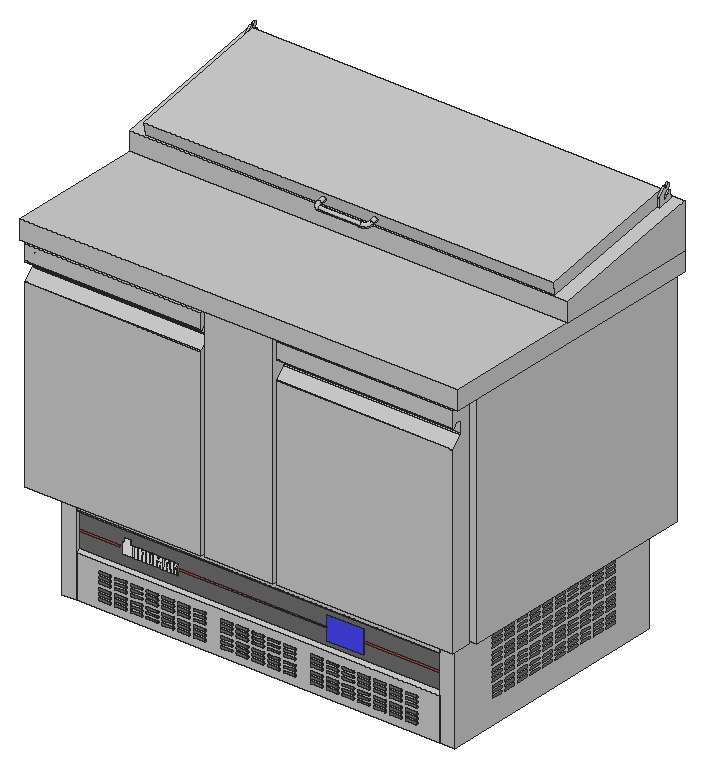
Revit family "QF_INOMAK_BPZP7300_250611020226", category Specialty Equipment, Revit 2021 (continued)
Definition of nested family "QF_INOMAK_REF_BASE_MOTOR_2920"
  Forms (mm)
    Extrusion 19, solid
      sketch origin (39, 1580.136, -390.167) x (0, 1, 0) y (0, 0, 1)
        loop
          line (-1844.436, 587.535) -> (-1868.436, 587.535)
        loop
          arc (-1829.436, 587.535) -> (-1832.436, 584.535) -> (-1829.436, 581.535) r 3
          line (-1829.436, 581.535) -> (-1805.436, 581.535)
          arc (-1805.436, 581.535) -> (-1802.436, 584.535) -> (-1805.436, 587.535) r 3
          line (-1805.436, 587.535) -> (-1829.436, 587.535)
        loop
          arc (-1790.436, 587.535) -> (-1793.436, 584.535) -> (-1790.436, 581.535) r 3
          line (-1790.436, 581.535) -> (-1766.436, 581.535)
          arc (-1766.436, 581.535) -> (-1763.436, 584.535) -> (-1766.436, 587.535) r 3
          line (-1766.436, 587.535) -> (-1790.436, 587.535)
        loop
          arc (-1751.436, 587.535) -> (-1754.436, 584.535) -> (-1751.436, 581.535) r 3
          line (-1751.436, 581.535) -> (-1727.436, 581.535)
          arc (-1727.436, 581.535) -> (-1724.436, 584.535) -> (-1727.436, 587.535) r 3
          line (-1727.436, 587.535) -> (-1751.436, 587.535)
        loop
          arc (-1985.436, 572.535) -> (-1988.436, 569.535) -> (-1985.436, 566.535) r 3
          line (-1985.436, 566.535) -> (-1961.436, 566.535)
          arc (-1961.436, 566.535) -> (-1958.436, 569.535) -> (-1961.436, 572.535) r 3
          line (-1961.436, 572.535) -> (-1985.436, 572.535)
        loop
          arc (-1946.436, 572.535) -> (-1949.436, 569.535) -> (-1946.436, 566.535) r 3
          line (-1946.436, 566.535) -> (-1922.436, 566.535)
          arc (-1922.436, 566.535) -> (-1919.436, 569.535) -> (-1922.436, 572.535) r 3
          line (-1922.436, 572.535) -> (-1946.436, 572.535)
        loop
          arc (-1907.436, 572.535) -> (-1910.436, 569.535) -> (-1907.436, 566.535) r 3
          line (-1907.436, 566.535) -> (-1883.436, 566.535)
          arc (-1883.436, 566.535) -> (-1880.436, 569.535) -> (-1883.436, 572.535) r 3
          line (-1883.436, 572.535) -> (-1907.436, 572.535)
        loop
          arc (-1868.436, 572.535) -> (-1871.436, 569.535) -> (-1868.436, 566.535) r 3
          line (-1868.436, 566.535) -> (-1844.436, 566.535)
          arc (-1844.436, 566.535) -> (-1841.436, 569.535) -> (-1844.436, 572.535) r 3
          line (-1844.436, 572.535) -> (-1868.436, 572.535)
        loop
          arc (-1829.436, 572.535) -> (-1832.436, 569.535) -> (-1829.436, 566.535) r 3
          line (-1829.436, 566.535) -> (-1805.436, 566.535)
          arc (-1805.436, 566.535) -> (-1802.436, 569.535) -> (-1805.436, 572.535) r 3
          line (-1805.436, 572.535) -> (-1829.436, 572.535)
        loop
          arc (-1790.436, 572.535) -> (-1793.436, 569.535) -> (-1790.436, 566.535) r 3
          line (-1790.436, 566.535) -> (-1766.436, 566.535)
          arc (-1766.436, 566.535) -> (-1763.436, 569.535) -> (-1766.436, 572.535) r 3
          line (-1766.436, 572.535) -> (-1790.436, 572.535)
        loop
          arc (-1751.436, 572.535) -> (-1754.436, 569.535) -> (-1751.436, 566.535) r 3
          line (-1751.436, 566.535) -> (-1727.436, 566.535)
          arc (-1727.436, 566.535) -> (-1724.436, 569.535) -> (-1727.436, 572.535) r 3
          line (-1727.436, 572.535) -> (-1751.436, 572.535)
        loop
          arc (-1985.436, 561.535) -> (-1988.436, 558.535) -> (-1985.436, 555.535) r 3
          line (-1985.436, 555.535) -> (-1961.436, 555.535)
          arc (-1961.436, 555.535) -> (-1958.436, 558.535) -> (-1961.436, 561.535) r 3
          line (-1961.436, 561.535) -> (-1985.436, 561.535)
        loop
          arc (-1946.436, 561.535) -> (-1949.436, 558.535) -> (-1946.436, 555.535) r 3
          line (-1946.436, 555.535) -> (-1922.436, 555.535)
          arc (-1922.436, 555.535) -> (-1919.436, 558.535) -> (-1922.436, 561.535) r 3
          line (-1922.436, 561.535) -> (-1946.436, 561.535)
        loop
          arc (-1907.436, 561.535) -> (-1910.436, 558.535) -> (-1907.436, 555.535) r 3
          line (-1907.436, 555.535) -> (-1883.436, 555.535)
          arc (-1883.436, 555.535) -> (-1880.436, 558.535) -> (-1883.436, 561.535) r 3
          line (-1883.436, 561.535) -> (-1907.436, 561.535)
        loop
          arc (-1868.436, 561.535) -> (-1871.436, 558.535) -> (-1868.436, 555.535) r 3
          line (-1868.436, 555.535) -> (-1844.436, 555.535)
          arc (-1844.436, 555.535) -> (-1841.436, 558.535) -> (-1844.436, 561.535) r 3
          line (-1844.436, 561.535) -> (-1868.436, 561.535)
        loop
          arc (-1829.436, 561.535) -> (-1832.436, 558.535) -> (-1829.436, 555.535) r 3
          line (-1829.436, 555.535) -> (-1805.436, 555.535)
          arc (-1805.436, 555.535) -> (-1802.436, 558.535) -> (-1805.436, 561.535) r 3
          line (-1805.436, 561.535) -> (-1829.436, 561.535)
        loop
          arc (-1790.436, 561.535) -> (-1793.436, 558.535) -> (-1790.436, 555.535) r 3
          line (-1790.436, 555.535) -> (-1766.436, 555.535)
          arc (-1766.436, 555.535) -> (-1763.436, 558.535) -> (-1766.436, 561.535) r 3
          line (-1766.436, 561.535) -> (-1790.436, 561.535)
        loop
          arc (-1751.436, 561.535) -> (-1754.436, 558.535) -> (-1751.436, 555.535) r 3
          line (-1751.436, 555.535) -> (-1727.436, 555.535)
          arc (-1727.436, 555.535) -> (-1724.436, 558.535) -> (-1727.436, 561.535) r 3
          line (-1727.436, 561.535) -> (-1751.436, 561.535)
        loop
          arc (-1985.436, 550.535) -> (-1988.436, 547.535) -> (-1985.436, 544.535) r 3
          line (-1985.436, 544.535) -> (-1961.436, 544.535)
          arc (-1961.436, 544.535) -> (-1958.436, 547.535) -> (-1961.436, 550.535) r 3
          line (-1961.436, 550.535) -> (-1985.436, 550.535)
        loop
          arc (-1946.436, 550.535) -> (-1949.436, 547.535) -> (-1946.436, 544.535) r 3
          line (-1946.436, 544.535) -> (-1922.436, 544.535)
          arc (-1922.436, 544.535) -> (-1919.436, 547.535) -> (-1922.436, 550.535) r 3
          line (-1922.436, 550.535) -> (-1946.436, 550.535)
        loop
          arc (-1907.436, 550.535) -> (-1910.436, 547.535) -> (-1907.436, 544.535) r 3
          line (-1907.436, 544.535) -> (-1883.436, 544.535)
          arc (-1883.436, 544.535) -> (-1880.436, 547.535) -> (-1883.436, 550.535) r 3
          line (-1883.436, 550.535) -> (-1907.436, 550.535)
        loop
          arc (-1868.436, 550.535) -> (-1871.436, 547.535) -> (-1868.436, 544.535) r 3
          line (-1868.436, 544.535) -> (-1844.436, 544.535)
          arc (-1844.436, 544.535) -> (-1841.436, 547.535) -> (-1844.436, 550.535) r 3
          line (-1844.436, 550.535) -> (-1868.436, 550.535)
        loop
          arc (-1829.436, 550.535) -> (-1832.436, 547.535) -> (-1829.436, 544.535) r 3
          line (-1829.436, 544.535) -> (-1805.436, 544.535)
          arc (-1805.436, 544.535) -> (-1802.436, 547.535) -> (-1805.436, 550.535) r 3
          line (-1805.436, 550.535) -> (-1829.436, 550.535)
        loop
          arc (-1790.436, 550.535) -> (-1793.436, 547.535) -> (-1790.436, 544.535) r 3
          line (-1790.436, 544.535) -> (-1766.436, 544.535)
          arc (-1766.436, 544.535) -> (-1763.436, 547.535) -> (-1766.436, 550.535) r 3
          line (-1766.436, 550.535) -> (-1790.436, 550.535)
        loop
          arc (-1751.436, 550.535) -> (-1754.436, 547.535) -> (-1751.436, 544.535) r 3
          line (-1751.436, 544.535) -> (-1727.436, 544.535)
          arc (-1727.436, 544.535) -> (-1724.436, 547.535) -> (-1727.436, 550.535) r 3
          line (-1727.436, 550.535) -> (-1751.436, 550.535)
        loop
          arc (-2102.436, 609.535) -> (-2105.436, 606.535) -> (-2102.436, 603.535) r 3
          line (-2102.436, 603.535) -> (-2078.436, 603.535)
          arc (-2078.436, 603.535) -> (-2075.436, 606.535) -> (-2078.436, 609.535) r 3
          line (-2078.436, 609.535) -> (-2102.436, 609.535)
        loop
          arc (-2063.436, 609.535) -> (-2066.436, 606.535) -> (-2063.436, 603.535) r 3
          line (-2063.436, 603.535) -> (-2039.436, 603.535)
          arc (-2039.436, 603.535) -> (-2036.436, 606.535) -> (-2039.436, 609.535) r 3
          line (-2039.436, 609.535) -> (-2063.436, 609.535)
        loop
          arc (-2024.436, 609.535) -> (-2027.436, 606.535) -> (-2024.436, 603.535) r 3
          line (-2024.436, 603.535) -> (-2000.436, 603.535)
          arc (-2000.436, 603.535) -> (-1997.436, 606.535) -> (-2000.436, 609.535) r 3
          line (-2000.436, 609.535) -> (-2024.436, 609.535)
        loop
          arc (-2102.436, 598.535) -> (-2105.436, 595.535) -> (-2102.436, 592.535) r 3
          line (-2102.436, 592.535) -> (-2078.436, 592.535)
          arc (-2078.436, 592.535) -> (-2075.436, 595.535) -> (-2078.436, 598.535) r 3
          line (-2078.436, 598.535) -> (-2102.436, 598.535)
        loop
          arc (-2063.436, 598.535) -> (-2066.436, 595.535) -> (-2063.436, 592.535) r 3
          line (-2063.436, 592.535) -> (-2039.436, 592.535)
          arc (-2039.436, 592.535) -> (-2036.436, 595.535) -> (-2039.436, 598.535) r 3
          line (-2039.436, 598.535) -> (-2063.436, 598.535)
        loop
          arc (-2024.436, 598.535) -> (-2027.436, 595.535) -> (-2024.436, 592.535) r 3
          line (-2024.436, 592.535) -> (-2000.436, 592.535)
          arc (-2000.436, 592.535) -> (-1997.436, 595.535) -> (-2000.436, 598.535) r 3
          line (-2000.436, 598.535) -> (-2024.436, 598.535)
        loop
          arc (-2102.436, 587.535) -> (-2105.436, 584.535) -> (-2102.436, 581.535) r 3
          line (-2102.436, 581.535) -> (-2078.436, 581.535)
          arc (-2078.436, 581.535) -> (-2075.436, 584.535) -> (-2078.436, 587.535) r 3
          line (-2078.436, 587.535) -> (-2102.436, 587.535)
        loop
          arc (-2063.436, 587.535) -> (-2066.436, 584.535) -> (-2063.436, 581.535) r 3
          line (-2063.436, 581.535) -> (-2039.436, 581.535)
          arc (-2039.436, 581.535) -> (-2036.436, 584.535) -> (-2039.436, 587.535) r 3
          line (-2039.436, 587.535) -> (-2063.436, 587.535)
        loop
          arc (-2024.436, 587.535) -> (-2027.436, 584.535) -> (-2024.436, 581.535) r 3
          line (-2024.436, 581.535) -> (-2000.436, 581.535)
          arc (-2000.436, 581.535) -> (-1997.436, 584.535) -> (-2000.436, 587.535) r 3
          line (-2000.436, 587.535) -> (-2024.436, 587.535)
        loop
          arc (-2102.436, 572.535) -> (-2105.436, 569.535) -> (-2102.436, 566.535) r 3
          line (-2102.436, 566.535) -> (-2078.436, 566.535)
          arc (-2078.436, 566.535) -> (-2075.436, 569.535) -> (-2078.436, 572.535) r 3
          line (-2078.436, 572.535) -> (-2102.436, 572.535)
        loop
          arc (-2063.436, 572.535) -> (-2066.436, 569.535) -> (-2063.436, 566.535) r 3
          line (-2063.436, 566.535) -> (-2039.436, 566.535)
          arc (-2039.436, 566.535) -> (-2036.436, 569.535) -> (-2039.436, 572.535) r 3
          line (-2039.436, 572.535) -> (-2063.436, 572.535)
        loop
          arc (-2024.436, 572.535) -> (-2027.436, 569.535) -> (-2024.436, 566.535) r 3
          line (-2024.436, 566.535) -> (-2000.436, 566.535)
          arc (-2000.436, 566.535) -> (-1997.436, 569.535) -> (-2000.436, 572.535) r 3
          line (-2000.436, 572.535) -> (-2024.436, 572.535)
        loop
          arc (-2102.436, 561.535) -> (-2105.436, 558.535) -> (-2102.436, 555.535) r 3
          line (-2102.436, 555.535) -> (-2078.436, 555.535)
          arc (-2078.436, 555.535) -> (-2075.436, 558.535) -> (-2078.436, 561.535) r 3
          line (-2078.436, 561.535) -> (-2102.436, 561.535)
        loop
          arc (-2063.436, 561.535) -> (-2066.436, 558.535) -> (-2063.436, 555.535) r 3
          line (-2063.436, 555.535) -> (-2039.436, 555.535)
          arc (-2039.436, 555.535) -> (-2036.436, 558.535) -> (-2039.436, 561.535) r 3
          line (-2039.436, 561.535) -> (-2063.436, 561.535)
        loop
          arc (-2024.436, 561.535) -> (-2027.436, 558.535) -> (-2024.436, 555.535) r 3
          line (-2024.436, 555.535) -> (-2000.436, 555.535)
          arc (-2000.436, 555.535) -> (-1997.436, 558.535) -> (-2000.436, 561.535) r 3
          line (-2000.436, 561.535) -> (-2024.436, 561.535)
        loop
          arc (-2102.436, 550.535) -> (-2105.436, 547.535) -> (-2102.436, 544.535) r 3
          line (-2102.436, 544.535) -> (-2078.436, 544.535)
          arc (-2078.436, 544.535) -> (-2075.436, 547.535) -> (-2078.436, 550.535) r 3
          line (-2078.436, 550.535) -> (-2102.436, 550.535)
        loop
          arc (-2063.436, 550.535) -> (-2066.436, 547.535) -> (-2063.436, 544.535) r 3
          line (-2063.436, 544.535) -> (-2039.436, 544.535)
          arc (-2039.436, 544.535) -> (-2036.436, 547.535) -> (-2039.436, 550.535) r 3
          line (-2039.436, 550.535) -> (-2063.436, 550.535)
        loop
          arc (-2024.436, 550.535) -> (-2027.436, 547.535) -> (-2024.436, 544.535) r 3
          line (-2024.436, 544.535) -> (-2000.436, 544.535)
          arc (-2000.436, 544.535) -> (-1997.436, 547.535) -> (-2000.436, 550.535) r 3
          line (-2000.436, 550.535) -> (-2024.436, 550.535)
        loop
          arc (-1985.436, 534.535) -> (-1988.436, 531.535) -> (-1985.436, 528.535) r 3
          line (-1985.436, 528.535) -> (-1961.436, 528.535)
          arc (-1961.436, 528.535) -> (-1958.436, 531.535) -> (-1961.436, 534.535) r 3
          line (-1961.436, 534.535) -> (-1985.436, 534.535)
        loop
          arc (-1946.436, 534.535) -> (-1949.436, 531.535) -> (-1946.436, 528.535) r 3
          line (-1946.436, 528.535) -> (-1922.436, 528.535)
          arc (-1922.436, 528.535) -> (-1919.436, 531.535) -> (-1922.436, 534.535) r 3
          line (-1922.436, 534.535) -> (-1946.436, 534.535)
        loop
          arc (-1907.436, 534.535) -> (-1910.436, 531.535) -> (-1907.436, 528.535) r 3
          line (-1907.436, 528.535) -> (-1883.436, 528.535)
          arc (-1883.436, 528.535) -> (-1880.436, 531.535) -> (-1883.436, 534.535) r 3
          line (-1883.436, 534.535) -> (-1907.436, 534.535)
        loop
          arc (-1868.436, 534.535) -> (-1871.436, 531.535) -> (-1868.436, 528.535) r 3
          line (-1868.436, 528.535) -> (-1844.436, 528.535)
          arc (-1844.436, 528.535) -> (-1841.436, 531.535) -> (-1844.436, 534.535) r 3
          line (-1844.436, 534.535) -> (-1868.436, 534.535)
        loop
          arc (-1829.436, 534.535) -> (-1832.436, 531.535) -> (-1829.436, 528.535) r 3
          line (-1829.436, 528.535) -> (-1805.436, 528.535)
          arc (-1805.436, 528.535) -> (-1802.436, 531.535) -> (-1805.436, 534.535) r 3
          line (-1805.436, 534.535) -> (-1829.436, 534.535)
        loop
          arc (-1790.436, 534.535) -> (-1793.436, 531.535) -> (-1790.436, 528.535) r 3
          line (-1790.436, 528.535) -> (-1766.436, 528.535)
          arc (-1766.436, 528.535) -> (-1763.436, 531.535) -> (-1766.436, 534.535) r 3
          line (-1766.436, 534.535) -> (-1790.436, 534.535)
        loop
          arc (-1751.436, 534.535) -> (-1754.436, 531.535) -> (-1751.436, 528.535) r 3
          line (-1751.436, 528.535) -> (-1727.436, 528.535)
          arc (-1727.436, 528.535) -> (-1724.436, 531.535) -> (-1727.436, 534.535) r 3
          line (-1727.436, 534.535) -> (-1751.436, 534.535)
        loop
          arc (-1985.436, 523.535) -> (-1988.436, 520.535) -> (-1985.436, 517.535) r 3
          line (-1985.436, 517.535) -> (-1961.436, 517.535)
          arc (-1961.436, 517.535) -> (-1958.436, 520.535) -> (-1961.436, 523.535) r 3
          line (-1961.436, 523.535) -> (-1985.436, 523.535)
        loop
          arc (-1946.436, 523.535) -> (-1949.436, 520.535) -> (-1946.436, 517.535) r 3
          line (-1946.436, 517.535) -> (-1922.436, 517.535)
          arc (-1922.436, 517.535) -> (-1919.436, 520.535) -> (-1922.436, 523.535) r 3
          line (-1922.436, 523.535) -> (-1946.436, 523.535)
        loop
          arc (-1907.436, 523.535) -> (-1910.436, 520.535) -> (-1907.436, 517.535) r 3
          line (-1907.436, 517.535) -> (-1883.436, 517.535)
          arc (-1883.436, 517.535) -> (-1880.436, 520.535) -> (-1883.436, 523.535) r 3
          line (-1883.436, 523.535) -> (-1907.436, 523.535)
        loop
          arc (-1868.436, 523.535) -> (-1871.436, 520.535) -> (-1868.436, 517.535) r 3
          line (-1868.436, 517.535) -> (-1844.436, 517.535)
          arc (-1844.436, 517.535) -> (-1841.436, 520.535) -> (-1844.436, 523.535) r 3
          line (-1844.436, 523.535) -> (-1868.436, 523.535)
        loop
          arc (-1829.436, 523.535) -> (-1832.436, 520.535) -> (-1829.436, 517.535) r 3
          line (-1829.436, 517.535) -> (-1805.436, 517.535)
          arc (-1805.436, 517.535) -> (-1802.436, 520.535) -> (-1805.436, 523.535) r 3
          line (-1805.436, 523.535) -> (-1829.436, 523.535)
        loop
          arc (-1790.436, 523.535) -> (-1793.436, 520.535) -> (-1790.436, 517.535) r 3
          line (-1790.436, 517.535) -> (-1766.436, 517.535)
          arc (-1766.436, 517.535) -> (-1763.436, 520.535) -> (-1766.436, 523.535) r 3
          line (-1766.436, 523.535) -> (-1790.436, 523.535)
        loop
          arc (-1751.436, 523.535) -> (-1754.436, 520.535) -> (-1751.436, 517.535) r 3
          line (-1751.436, 517.535) -> (-1727.436, 517.535)
          arc (-1727.436, 517.535) -> (-1724.436, 520.535) -> (-1727.436, 523.535) r 3
          line (-1727.436, 523.535) -> (-1751.436, 523.535)
        loop
          arc (-1985.436, 512.535) -> (-1988.436, 509.535) -> (-1985.436, 506.535) r 3
          line (-1985.436, 506.535) -> (-1961.436, 506.535)
          arc (-1961.436, 506.535) -> (-1958.436, 509.535) -> (-1961.436, 512.535) r 3
          line (-1961.436, 512.535) -> (-1985.436, 512.535)
        loop
          arc (-1946.436, 512.535) -> (-1949.436, 509.535) -> (-1946.436, 506.535) r 3
          line (-1946.436, 506.535) -> (-1922.436, 506.535)
          arc (-1922.436, 506.535) -> (-1919.436, 509.535) -> (-1922.436, 512.535) r 3
          line (-1922.436, 512.535) -> (-1946.436, 512.535)
        loop
          arc (-1907.436, 512.535) -> (-1910.436, 509.535) -> (-1907.436, 506.535) r 3
          line (-1907.436, 506.535) -> (-1883.436, 506.535)
          arc (-1883.436, 506.535) -> (-1880.436, 509.535) -> (-1883.436, 512.535) r 3
          line (-1883.436, 512.535) -> (-1907.436, 512.535)
        loop
          arc (-1868.436, 512.535) -> (-1871.436, 509.535) -> (-1868.436, 506.535) r 3
          line (-1868.436, 506.535) -> (-1844.436, 506.535)
          arc (-1844.436, 506.535) -> (-1841.436, 509.535) -> (-1844.436, 512.535) r 3
          line (-1844.436, 512.535) -> (-1868.436, 512.535)
        loop
          arc (-1829.436, 512.535) -> (-1832.436, 509.535) -> (-1829.436, 506.535) r 3
          line (-1829.436, 506.535) -> (-1805.436, 506.535)
          arc (-1805.436, 506.535) -> (-1802.436, 509.535) -> (-1805.436, 512.535) r 3
          line (-1805.436, 512.535) -> (-1829.436, 512.535)
        loop
          arc (-1790.436, 512.535) -> (-1793.436, 509.535) -> (-1790.436, 506.535) r 3
          line (-1790.436, 506.535) -> (-1766.436, 506.535)
          arc (-1766.436, 506.535) -> (-1763.436, 509.535) -> (-1766.436, 512.535) r 3
          line (-1766.436, 512.535) -> (-1790.436, 512.535)
        loop
          arc (-1751.436, 512.535) -> (-1754.436, 509.535) -> (-1751.436, 506.535) r 3
          line (-1751.436, 506.535) -> (-1727.436, 506.535)
          arc (-1727.436, 506.535) -> (-1724.436, 509.535) -> (-1727.436, 512.535) r 3
          line (-1727.436, 512.535) -> (-1751.436, 512.535)
        loop
          arc (-1985.436, 497.535) -> (-1988.436, 494.535) -> (-1985.436, 491.535) r 3
          line (-1985.436, 491.535) -> (-1961.436, 491.535)
          arc (-1961.436, 491.535) -> (-1958.436, 494.535) -> (-1961.436, 497.535) r 3
          line (-1961.436, 497.535) -> (-1985.436, 497.535)
        loop
          arc (-1946.436, 497.535) -> (-1949.436, 494.535) -> (-1946.436, 491.535) r 3
          line (-1946.436, 491.535) -> (-1922.436, 491.535)
          arc (-1922.436, 491.535) -> (-1919.436, 494.535) -> (-1922.436, 497.535) r 3
          line (-1922.436, 497.535) -> (-1946.436, 497.535)
        loop
          arc (-1907.436, 497.535) -> (-1910.436, 494.535) -> (-1907.436, 491.535) r 3
          line (-1907.436, 491.535) -> (-1883.436, 491.535)
          arc (-1883.436, 491.535) -> (-1880.436, 494.535) -> (-1883.436, 497.535) r 3
          line (-1883.436, 497.535) -> (-1907.436, 497.535)
        loop
          arc (-1868.436, 497.535) -> (-1871.436, 494.535) -> (-1868.436, 491.535) r 3
          line (-1868.436, 491.535) -> (-1844.436, 491.535)
          arc (-1844.436, 491.535) -> (-1841.436, 494.535) -> (-1844.436, 497.535) r 3
          line (-1844.436, 497.535) -> (-1868.436, 497.535)
        loop
          arc (-1829.436, 497.535) -> (-1832.436, 494.535) -> (-1829.436, 491.535) r 3
          line (-1829.436, 491.535) -> (-1805.436, 491.535)
          arc (-1805.436, 491.535) -> (-1802.436, 494.535) -> (-1805.436, 497.535) r 3
          line (-1805.436, 497.535) -> (-1829.436, 497.535)
        loop
          arc (-1790.436, 497.535) -> (-1793.436, 494.535) -> (-1790.436, 491.535) r 3
          line (-1790.436, 491.535) -> (-1766.436, 491.535)
          arc (-1766.436, 491.535) -> (-1763.436, 494.535) -> (-1766.436, 497.535) r 3
          line (-1766.436, 497.535) -> (-1790.436, 497.535)
        loop
          arc (-1751.436, 497.535) -> (-1754.436, 494.535) -> (-1751.436, 491.535) r 3
          line (-1751.436, 491.535) -> (-1727.436, 491.535)
          arc (-1727.436, 491.535) -> (-1724.436, 494.535) -> (-1727.436, 497.535) r 3
          line (-1727.436, 497.535) -> (-1751.436, 497.535)
        loop
          arc (-1985.436, 486.535) -> (-1988.436, 483.535) -> (-1985.436, 480.535) r 3
          line (-1985.436, 480.535) -> (-1961.436, 480.535)
          arc (-1961.436, 480.535) -> (-1958.436, 483.535) -> (-1961.436, 486.535) r 3
          line (-1961.436, 486.535) -> (-1985.436, 486.535)
        loop
          arc (-1946.436, 486.535) -> (-1949.436, 483.535) -> (-1946.436, 480.535) r 3
          line (-1946.436, 480.535) -> (-1922.436, 480.535)
          arc (-1922.436, 480.535) -> (-1919.436, 483.535) -> (-1922.436, 486.535) r 3
          line (-1922.436, 486.535) -> (-1946.436, 486.535)
        loop
          arc (-1907.436, 486.535) -> (-1910.436, 483.535) -> (-1907.436, 480.535) r 3
          line (-1907.436, 480.535) -> (-1883.436, 480.535)
          arc (-1883.436, 480.535) -> (-1880.436, 483.535) -> (-1883.436, 486.535) r 3
          line (-1883.436, 486.535) -> (-1907.436, 486.535)
        loop
          arc (-1868.436, 486.535) -> (-1871.436, 483.535) -> (-1868.436, 480.535) r 3
          line (-1868.436, 480.535) -> (-1844.436, 480.535)
          arc (-1844.436, 480.535) -> (-1841.436, 483.535) -> (-1844.436, 486.535) r 3
          line (-1844.436, 486.535) -> (-1868.436, 486.535)
        loop
          arc (-1829.436, 486.535) -> (-1832.436, 483.535) -> (-1829.436, 480.535) r 3
          line (-1829.436, 480.535) -> (-1805.436, 480.535)
          arc (-1805.436, 480.535) -> (-1802.436, 483.535) -> (-1805.436, 486.535) r 3
          line (-1805.436, 486.535) -> (-1829.436, 486.535)
        loop
          arc (-1790.436, 486.535) -> (-1793.436, 483.535) -> (-1790.436, 480.535) r 3
          line (-1790.436, 480.535) -> (-1766.436, 480.535)
          arc (-1766.436, 480.535) -> (-1763.436, 483.535) -> (-1766.436, 486.535) r 3
          line (-1766.436, 486.535) -> (-1790.436, 486.535)
        loop
          arc (-1751.436, 486.535) -> (-1754.436, 483.535) -> (-1751.436, 480.535) r 3
          line (-1751.436, 480.535) -> (-1727.436, 480.535)
          arc (-1727.436, 480.535) -> (-1724.436, 483.535) -> (-1727.436, 486.535) r 3
          line (-1727.436, 486.535) -> (-1751.436, 486.535)
        loop
          arc (-1985.436, 475.535) -> (-1988.436, 472.535) -> (-1985.436, 469.535) r 3
          line (-1985.436, 469.535) -> (-1961.436, 469.535)
          arc (-1961.436, 469.535) -> (-1958.436, 472.535) -> (-1961.436, 475.535) r 3
          line (-1961.436, 475.535) -> (-1985.436, 475.535)
        loop
          arc (-1946.436, 475.535) -> (-1949.436, 472.535) -> (-1946.436, 469.535) r 3
          line (-1946.436, 469.535) -> (-1922.436, 469.535)
          arc (-1922.436, 469.535) -> (-1919.436, 472.535) -> (-1922.436, 475.535) r 3
          line (-1922.436, 475.535) -> (-1946.436, 475.535)
        loop
          arc (-1907.436, 475.535) -> (-1910.436, 472.535) -> (-1907.436, 469.535) r 3
          line (-1907.436, 469.535) -> (-1883.436, 469.535)
          arc (-1883.436, 469.535) -> (-1880.436, 472.535) -> (-1883.436, 475.535) r 3
          line (-1883.436, 475.535) -> (-1907.436, 475.535)
        loop
          arc (-1868.436, 475.535) -> (-1871.436, 472.535) -> (-1868.436, 469.535) r 3
          line (-1868.436, 469.535) -> (-1844.436, 469.535)
          arc (-1844.436, 469.535) -> (-1841.436, 472.535) -> (-1844.436, 475.535) r 3
          line (-1844.436, 475.535) -> (-1868.436, 475.535)
        loop
          arc (-1829.436, 475.535) -> (-1832.436, 472.535) -> (-1829.436, 469.535) r 3
          line (-1829.436, 469.535) -> (-1805.436, 469.535)
          arc (-1805.436, 469.535) -> (-1802.436, 472.535) -> (-1805.436, 475.535) r 3
          line (-1805.436, 475.535) -> (-1829.436, 475.535)
        loop
          arc (-1790.436, 475.535) -> (-1793.436, 472.535) -> (-1790.436, 469.535) r 3
          line (-1790.436, 469.535) -> (-1766.436, 469.535)
          arc (-1766.436, 469.535) -> (-1763.436, 472.535) -> (-1766.436, 475.535) r 3
          line (-1766.436, 475.535) -> (-1790.436, 475.535)
        loop
          arc (-1751.436, 475.535) -> (-1754.436, 472.535) -> (-1751.436, 469.535) r 3
          line (-1751.436, 469.535) -> (-1727.436, 469.535)
          arc (-1727.436, 469.535) -> (-1724.436, 472.535) -> (-1727.436, 475.535) r 3
          line (-1727.436, 475.535) -> (-1751.436, 475.535)
        loop
          arc (-2102.436, 534.535) -> (-2105.436, 531.535) -> (-2102.436, 528.535) r 3
          line (-2102.436, 528.535) -> (-2078.436, 528.535)
          arc (-2078.436, 528.535) -> (-2075.436, 531.535) -> (-2078.436, 534.535) r 3
          line (-2078.436, 534.535) -> (-2102.436, 534.535)
        loop
          arc (-2063.436, 534.535) -> (-2066.436, 531.535) -> (-2063.436, 528.535) r 3
          line (-2063.436, 528.535) -> (-2039.436, 528.535)
          arc (-2039.436, 528.535) -> (-2036.436, 531.535) -> (-2039.436, 534.535) r 3
          line (-2039.436, 534.535) -> (-2063.436, 534.535)
        loop
          arc (-2024.436, 534.535) -> (-2027.436, 531.535) -> (-2024.436, 528.535) r 3
          line (-2024.436, 528.535) -> (-2000.436, 528.535)
          arc (-2000.436, 528.535) -> (-1997.436, 531.535) -> (-2000.436, 534.535) r 3
          line (-2000.436, 534.535) -> (-2024.436, 534.535)
        loop
          arc (-2102.436, 523.535) -> (-2105.436, 520.535) -> (-2102.436, 517.535) r 3
          line (-2102.436, 517.535) -> (-2078.436, 517.535)
          arc (-2078.436, 517.535) -> (-2075.436, 520.535) -> (-2078.436, 523.535) r 3
          line (-2078.436, 523.535) -> (-2102.436, 523.535)
        loop
          arc (-2063.436, 523.535) -> (-2066.436, 520.535) -> (-2063.436, 517.535) r 3
          line (-2063.436, 517.535) -> (-2039.436, 517.535)
          arc (-2039.436, 517.535) -> (-2036.436, 520.535) -> (-2039.436, 523.535) r 3
          line (-2039.436, 523.535) -> (-2063.436, 523.535)
        loop
          arc (-2024.436, 523.535) -> (-2027.436, 520.535) -> (-2024.436, 517.535) r 3
          line (-2024.436, 517.535) -> (-2000.436, 517.535)
          arc (-2000.436, 517.535) -> (-1997.436, 520.535) -> (-2000.436, 523.535) r 3
          line (-2000.436, 523.535) -> (-2024.436, 523.535)
        loop
          arc (-2102.436, 512.535) -> (-2105.436, 509.535) -> (-2102.436, 506.535) r 3
          line (-2102.436, 506.535) -> (-2078.436, 506.535)
          arc (-2078.436, 506.535) -> (-2075.436, 509.535) -> (-2078.436, 512.535) r 3
          line (-2078.436, 512.535) -> (-2102.436, 512.535)
        loop
          arc (-2063.436, 512.535) -> (-2066.436, 509.535) -> (-2063.436, 506.535) r 3
          line (-2063.436, 506.535) -> (-2039.436, 506.535)
          arc (-2039.436, 506.535) -> (-2036.436, 509.535) -> (-2039.436, 512.535) r 3
          line (-2039.436, 512.535) -> (-2063.436, 512.535)
        loop
          arc (-2024.436, 512.535) -> (-2027.436, 509.535) -> (-2024.436, 506.535) r 3
          line (-2024.436, 506.535) -> (-2000.436, 506.535)
          arc (-2000.436, 506.535) -> (-1997.436, 509.535) -> (-2000.436, 512.535) r 3
          line (-2000.436, 512.535) -> (-2024.436, 512.535)
        loop
          arc (-2102.436, 497.535) -> (-2105.436, 494.535) -> (-2102.436, 491.535) r 3
          line (-2102.436, 491.535) -> (-2078.436, 491.535)
          arc (-2078.436, 491.535) -> (-2075.436, 494.535) -> (-2078.436, 497.535) r 3
          line (-2078.436, 497.535) -> (-2102.436, 497.535)
        loop
          arc (-2063.436, 497.535) -> (-2066.436, 494.535) -> (-2063.436, 491.535) r 3
          line (-2063.436, 491.535) -> (-2039.436, 491.535)
          arc (-2039.436, 491.535) -> (-2036.436, 494.535) -> (-2039.436, 497.535) r 3
          line (-2039.436, 497.535) -> (-2063.436, 497.535)
        loop
          arc (-2024.436, 497.535) -> (-2027.436, 494.535) -> (-2024.436, 491.535) r 3
          line (-2024.436, 491.535) -> (-2000.436, 491.535)
          arc (-2000.436, 491.535) -> (-1997.436, 494.535) -> (-2000.436, 497.535) r 3
          line (-2000.436, 497.535) -> (-2024.436, 497.535)
        loop
          arc (-2102.436, 486.535) -> (-2105.436, 483.535) -> (-2102.436, 480.535) r 3
          line (-2102.436, 480.535) -> (-2078.436, 480.535)
          arc (-2078.436, 480.535) -> (-2075.436, 483.535) -> (-2078.436, 486.535) r 3
          line (-2078.436, 486.535) -> (-2102.436, 486.535)
        loop
          arc (-2063.436, 486.535) -> (-2066.436, 483.535) -> (-2063.436, 480.535) r 3
          line (-2063.436, 480.535) -> (-2039.436, 480.535)
          arc (-2039.436, 480.535) -> (-2036.436, 483.535) -> (-2039.436, 486.535) r 3
          line (-2039.436, 486.535) -> (-2063.436, 486.535)
        loop
          arc (-2024.436, 486.535) -> (-2027.436, 483.535) -> (-2024.436, 480.535) r 3
          line (-2024.436, 480.535) -> (-2000.436, 480.535)
          arc (-2000.436, 480.535) -> (-1997.436, 483.535) -> (-2000.436, 486.535) r 3
          line (-2000.436, 486.535) -> (-2024.436, 486.535)
        loop
          arc (-2102.436, 475.535) -> (-2105.436, 472.535) -> (-2102.436, 469.535) r 3
          line (-2102.436, 469.535) -> (-2078.436, 469.535)
          arc (-2078.436, 469.535) -> (-2075.436, 472.535) -> (-2078.436, 475.535) r 3
          line (-2078.436, 475.535) -> (-2102.436, 475.535)
        loop
          arc (-2063.436, 475.535) -> (-2066.436, 472.535) -> (-2063.436, 469.535) r 3
          line (-2063.436, 469.535) -> (-2039.436, 469.535)
          arc (-2039.436, 469.535) -> (-2036.436, 472.535) -> (-2039.436, 475.535) r 3
          line (-2039.436, 475.535) -> (-2063.436, 475.535)
        loop
          arc (-2024.436, 475.535) -> (-2027.436, 472.535) -> (-2024.436, 469.535) r 3
          line (-2024.436, 469.535) -> (-2000.436, 469.535)
          arc (-2000.436, 469.535) -> (-1997.436, 472.535) -> (-2000.436, 475.535) r 3
          line (-2000.436, 475.535) -> (-2024.436, 475.535)
      from 16.5 to 19
    Extrusion 20, solid
      sketch origin (1041, 1580.136, -390.167) x (0, 1, 0) y (0, 0, -1)
        loop
          line (-1985.436, -609.535) -> (-1961.436, -609.535)
          arc (-1961.436, -609.535) -> (-1958.436, -606.535) -> (-1961.436, -603.535) r 3
          line (-1961.436, -603.535) -> (-1985.436, -603.535)
          arc (-1985.436, -603.535) -> (-1988.436, -606.535) -> (-1985.436, -609.535) r 3
        loop
          line (-1946.436, -609.535) -> (-1922.436, -609.535)
          arc (-1922.436, -609.535) -> (-1919.436, -606.535) -> (-1922.436, -603.535) r 3
          line (-1922.436, -603.535) -> (-1946.436, -603.535)
          arc (-1946.436, -603.535) -> (-1949.436, -606.535) -> (-1946.436, -609.535) r 3
        loop
          line (-1907.436, -609.535) -> (-1883.436, -609.535)
          arc (-1883.436, -609.535) -> (-1880.436, -606.535) -> (-1883.436, -603.535) r 3
          line (-1883.436, -603.535) -> (-1907.436, -603.535)
          arc (-1907.436, -603.535) -> (-1910.436, -606.535) -> (-1907.436, -609.535) r 3
        loop
          line (-1868.436, -609.535) -> (-1844.436, -609.535)
          arc (-1844.436, -609.535) -> (-1841.436, -606.535) -> (-1844.436, -603.535) r 3
          line (-1844.436, -603.535) -> (-1868.436, -603.535)
          arc (-1868.436, -603.535) -> (-1871.436, -606.535) -> (-1868.436, -609.535) r 3
        loop
          line (-1829.436, -609.535) -> (-1805.436, -609.535)
          arc (-1805.436, -609.535) -> (-1802.436, -606.535) -> (-1805.436, -603.535) r 3
          line (-1805.436, -603.535) -> (-1829.436, -603.535)
          arc (-1829.436, -603.535) -> (-1832.436, -606.535) -> (-1829.436, -609.535) r 3
        loop
          line (-1790.436, -609.535) -> (-1766.436, -609.535)
          arc (-1766.436, -609.535) -> (-1763.436, -606.535) -> (-1766.436, -603.535) r 3
          line (-1766.436, -603.535) -> (-1790.436, -603.535)
          arc (-1790.436, -603.535) -> (-1793.436, -606.535) -> (-1790.436, -609.535) r 3
        loop
          line (-1751.436, -609.535) -> (-1727.436, -609.535)
          arc (-1727.436, -609.535) -> (-1724.436, -606.535) -> (-1727.436, -603.535) r 3
          line (-1727.436, -603.535) -> (-1751.436, -603.535)
          arc (-1751.436, -603.535) -> (-1754.436, -606.535) -> (-1751.436, -609.535) r 3
        loop
          line (-1985.436, -598.535) -> (-1961.436, -598.535)
          arc (-1961.436, -598.535) -> (-1958.436, -595.535) -> (-1961.436, -592.535) r 3
          line (-1961.436, -592.535) -> (-1985.436, -592.535)
          arc (-1985.436, -592.535) -> (-1988.436, -595.535) -> (-1985.436, -598.535) r 3
        loop
          line (-1946.436, -598.535) -> (-1922.436, -598.535)
          arc (-1922.436, -598.535) -> (-1919.436, -595.535) -> (-1922.436, -592.535) r 3
          line (-1922.436, -592.535) -> (-1946.436, -592.535)
          arc (-1946.436, -592.535) -> (-1949.436, -595.535) -> (-1946.436, -598.535) r 3
        loop
          line (-1907.436, -598.535) -> (-1883.436, -598.535)
          arc (-1883.436, -598.535) -> (-1880.436, -595.535) -> (-1883.436, -592.535) r 3
          line (-1883.436, -592.535) -> (-1907.436, -592.535)
          arc (-1907.436, -592.535) -> (-1910.436, -595.535) -> (-1907.436, -598.535) r 3
        loop
          line (-1868.436, -598.535) -> (-1844.436, -598.535)
          arc (-1844.436, -598.535) -> (-1841.436, -595.535) -> (-1844.436, -592.535) r 3
          line (-1844.436, -592.535) -> (-1868.436, -592.535)
          arc (-1868.436, -592.535) -> (-1871.436, -595.535) -> (-1868.436, -598.535) r 3
        loop
          line (-1829.436, -598.535) -> (-1805.436, -598.535)
          arc (-1805.436, -598.535) -> (-1802.436, -595.535) -> (-1805.436, -592.535) r 3
          line (-1805.436, -592.535) -> (-1829.436, -592.535)
          arc (-1829.436, -592.535) -> (-1832.436, -595.535) -> (-1829.436, -598.535) r 3
        loop
          line (-1790.436, -598.535) -> (-1766.436, -598.535)
          arc (-1766.436, -598.535) -> (-1763.436, -595.535) -> (-1766.436, -592.535) r 3
          line (-1766.436, -592.535) -> (-1790.436, -592.535)
          arc (-1790.436, -592.535) -> (-1793.436, -595.535) -> (-1790.436, -598.535) r 3
        loop
          line (-1751.436, -598.535) -> (-1727.436, -598.535)
          arc (-1727.436, -598.535) -> (-1724.436, -595.535) -> (-1727.436, -592.535) r 3
          line (-1727.436, -592.535) -> (-1751.436, -592.535)
          arc (-1751.436, -592.535) -> (-1754.436, -595.535) -> (-1751.436, -598.535) r 3
        loop
          line (-1985.436, -587.535) -> (-1961.436, -587.535)
          arc (-1961.436, -587.535) -> (-1958.436, -584.535) -> (-1961.436, -581.535) r 3
          line (-1961.436, -581.535) -> (-1985.436, -581.535)
          arc (-1985.436, -581.535) -> (-1988.436, -584.535) -> (-1985.436, -587.535) r 3
        loop
          line (-1946.436, -587.535) -> (-1922.436, -587.535)
          arc (-1922.436, -587.535) -> (-1919.436, -584.535) -> (-1922.436, -581.535) r 3
          line (-1922.436, -581.535) -> (-1946.436, -581.535)
          arc (-1946.436, -581.535) -> (-1949.436, -584.535) -> (-1946.436, -587.535) r 3
        loop
          line (-1907.436, -587.535) -> (-1883.436, -587.535)
          arc (-1883.436, -587.535) -> (-1880.436, -584.535) -> (-1883.436, -581.535) r 3
          line (-1883.436, -581.535) -> (-1907.436, -581.535)
          arc (-1907.436, -581.535) -> (-1910.436, -584.535) -> (-1907.436, -587.535) r 3
        loop
          line (-1868.436, -587.535) -> (-1844.436, -587.535)
          arc (-1844.436, -587.535) -> (-1841.436, -584.535) -> (-1844.436, -581.535) r 3
          line (-1844.436, -581.535) -> (-1868.436, -581.535)
          arc (-1868.436, -581.535) -> (-1871.436, -584.535) -> (-1868.436, -587.535) r 3
        loop
          line (-1829.436, -587.535) -> (-1805.436, -587.535)
          arc (-1805.436, -587.535) -> (-1802.436, -584.535) -> (-1805.436, -581.535) r 3
          line (-1805.436, -581.535) -> (-1829.436, -581.535)
          arc (-1829.436, -581.535) -> (-1832.436, -584.535) -> (-1829.436, -587.535) r 3
        loop
          line (-1790.436, -587.535) -> (-1766.436, -587.535)
          arc (-1766.436, -587.535) -> (-1763.436, -584.535) -> (-1766.436, -581.535) r 3
          line (-1766.436, -581.535) -> (-1790.436, -581.535)
          arc (-1790.436, -581.535) -> (-1793.436, -584.535) -> (-1790.436, -587.535) r 3
        loop
          line (-1751.436, -587.535) -> (-1727.436, -587.535)
          arc (-1727.436, -587.535) -> (-1724.436, -584.535) -> (-1727.436, -581.535) r 3
          line (-1727.436, -581.535) -> (-1751.436, -581.535)
          arc (-1751.436, -581.535) -> (-1754.436, -584.535) -> (-1751.436, -587.535) r 3
        loop
          line (-1985.436, -572.535) -> (-1961.436, -572.535)
          arc (-1961.436, -572.535) -> (-1958.436, -569.535) -> (-1961.436, -566.535) r 3
          line (-1961.436, -566.535) -> (-1985.436, -566.535)
          arc (-1985.436, -566.535) -> (-1988.436, -569.535) -> (-1985.436, -572.535) r 3
        loop
          line (-1946.436, -572.535) -> (-1922.436, -572.535)
          arc (-1922.436, -572.535) -> (-1919.436, -569.535) -> (-1922.436, -566.535) r 3
          line (-1922.436, -566.535) -> (-1946.436, -566.535)
          arc (-1946.436, -566.535) -> (-1949.436, -569.535) -> (-1946.436, -572.535) r 3
        loop
          line (-1907.436, -572.535) -> (-1883.436, -572.535)
          arc (-1883.436, -572.535) -> (-1880.436, -569.535) -> (-1883.436, -566.535) r 3
          line (-1883.436, -566.535) -> (-1907.436, -566.535)
          arc (-1907.436, -566.535) -> (-1910.436, -569.535) -> (-1907.436, -572.535) r 3
        loop
          line (-1868.436, -572.535) -> (-1844.436, -572.535)
          arc (-1844.436, -572.535) -> (-1841.436, -569.535) -> (-1844.436, -566.535) r 3
          line (-1844.436, -566.535) -> (-1868.436, -566.535)
          arc (-1868.436, -566.535) -> (-1871.436, -569.535) -> (-1868.436, -572.535) r 3
        loop
          line (-1829.436, -572.535) -> (-1805.436, -572.535)
          arc (-1805.436, -572.535) -> (-1802.436, -569.535) -> (-1805.436, -566.535) r 3
          line (-1805.436, -566.535) -> (-1829.436, -566.535)
          arc (-1829.436, -566.535) -> (-1832.436, -569.535) -> (-1829.436, -572.535) r 3
        loop
          line (-1790.436, -572.535) -> (-1766.436, -572.535)
          arc (-1766.436, -572.535) -> (-1763.436, -569.535) -> (-1766.436, -566.535) r 3
          line (-1766.436, -566.535) -> (-1790.436, -566.535)
          arc (-1790.436, -566.535) -> (-1793.436, -569.535) -> (-1790.436, -572.535) r 3
        loop
          line (-1751.436, -572.535) -> (-1727.436, -572.535)
          arc (-1727.436, -572.535) -> (-1724.436, -569.535) -> (-1727.436, -566.535) r 3
          line (-1727.436, -566.535) -> (-1751.436, -566.535)
          arc (-1751.436, -566.535) -> (-1754.436, -569.535) -> (-1751.436, -572.535) r 3
        loop
          line (-1985.436, -561.535) -> (-1961.436, -561.535)
          arc (-1961.436, -561.535) -> (-1958.436, -558.535) -> (-1961.436, -555.535) r 3
          line (-1961.436, -555.535) -> (-1985.436, -555.535)
          arc (-1985.436, -555.535) -> (-1988.436, -558.535) -> (-1985.436, -561.535) r 3
        loop
          line (-1946.436, -561.535) -> (-1922.436, -561.535)
          arc (-1922.436, -561.535) -> (-1919.436, -558.535) -> (-1922.436, -555.535) r 3
          line (-1922.436, -555.535) -> (-1946.436, -555.535)
          arc (-1946.436, -555.535) -> (-1949.436, -558.535) -> (-1946.436, -561.535) r 3
        loop
          line (-1907.436, -561.535) -> (-1883.436, -561.535)
          arc (-1883.436, -561.535) -> (-1880.436, -558.535) -> (-1883.436, -555.535) r 3
          line (-1883.436, -555.535) -> (-1907.436, -555.535)
          arc (-1907.436, -555.535) -> (-1910.436, -558.535) -> (-1907.436, -561.535) r 3
        loop
          line (-1868.436, -561.535) -> (-1844.436, -561.535)
          arc (-1844.436, -561.535) -> (-1841.436, -558.535) -> (-1844.436, -555.535) r 3
          line (-1844.436, -555.535) -> (-1868.436, -555.535)
          arc (-1868.436, -555.535) -> (-1871.436, -558.535) -> (-1868.436, -561.535) r 3
        loop
          line (-1829.436, -561.535) -> (-1805.436, -561.535)
          arc (-1805.436, -561.535) -> (-1802.436, -558.535) -> (-1805.436, -555.535) r 3
          line (-1805.436, -555.535) -> (-1829.436, -555.535)
          arc (-1829.436, -555.535) -> (-1832.436, -558.535) -> (-1829.436, -561.535) r 3
        loop
          line (-1790.436, -561.535) -> (-1766.436, -561.535)
          arc (-1766.436, -561.535) -> (-1763.436, -558.535) -> (-1766.436, -555.535) r 3
          line (-1766.436, -555.535) -> (-1790.436, -555.535)
          arc (-1790.436, -555.535) -> (-1793.436, -558.535) -> (-1790.436, -561.535) r 3
        loop
          line (-1751.436, -561.535) -> (-1727.436, -561.535)
          arc (-1727.436, -561.535) -> (-1724.436, -558.535) -> (-1727.436, -555.535) r 3
          line (-1727.436, -555.535) -> (-1751.436, -555.535)
          arc (-1751.436, -555.535) -> (-1754.436, -558.535) -> (-1751.436, -561.535) r 3
        loop
          line (-1985.436, -550.535) -> (-1961.436, -550.535)
          arc (-1961.436, -550.535) -> (-1958.436, -547.535) -> (-1961.436, -544.535) r 3
          line (-1961.436, -544.535) -> (-1985.436, -544.535)
          arc (-1985.436, -544.535) -> (-1988.436, -547.535) -> (-1985.436, -550.535) r 3
        loop
          line (-1946.436, -550.535) -> (-1922.436, -550.535)
          arc (-1922.436, -550.535) -> (-1919.436, -547.535) -> (-1922.436, -544.535) r 3
          line (-1922.436, -544.535) -> (-1946.436, -544.535)
          arc (-1946.436, -544.535) -> (-1949.436, -547.535) -> (-1946.436, -550.535) r 3
        loop
          line (-1907.436, -550.535) -> (-1883.436, -550.535)
          arc (-1883.436, -550.535) -> (-1880.436, -547.535) -> (-1883.436, -544.535) r 3
          line (-1883.436, -544.535) -> (-1907.436, -544.535)
          arc (-1907.436, -544.535) -> (-1910.436, -547.535) -> (-1907.436, -550.535) r 3
        loop
          line (-1868.436, -550.535) -> (-1844.436, -550.535)
          arc (-1844.436, -550.535) -> (-1841.436, -547.535) -> (-1844.436, -544.535) r 3
          line (-1844.436, -544.535) -> (-1868.436, -544.535)
          arc (-1868.436, -544.535) -> (-1871.436, -547.535) -> (-1868.436, -550.535) r 3
        loop
          line (-1829.436, -550.535) -> (-1805.436, -550.535)
          arc (-1805.436, -550.535) -> (-1802.436, -547.535) -> (-1805.436, -544.535) r 3
          line (-1805.436, -544.535) -> (-1829.436, -544.535)
          arc (-1829.436, -544.535) -> (-1832.436, -547.535) -> (-1829.436, -550.535) r 3
        loop
          line (-1790.436, -550.535) -> (-1766.436, -550.535)
          arc (-1766.436, -550.535) -> (-1763.436, -547.535) -> (-1766.436, -544.535) r 3
          line (-1766.436, -544.535) -> (-1790.436, -544.535)
          arc (-1790.436, -544.535) -> (-1793.436, -547.535) -> (-1790.436, -550.535) r 3
        loop
          line (-1751.436, -550.535) -> (-1727.436, -550.535)
          arc (-1727.436, -550.535) -> (-1724.436, -547.535) -> (-1727.436, -544.535) r 3
          line (-1727.436, -544.535) -> (-1751.436, -544.535)
          arc (-1751.436, -544.535) -> (-1754.436, -547.535) -> (-1751.436, -550.535) r 3
        loop
          line (-2102.436, -609.535) -> (-2078.436, -609.535)
          arc (-2078.436, -609.535) -> (-2075.436, -606.535) -> (-2078.436, -603.535) r 3
          line (-2078.436, -603.535) -> (-2102.436, -603.535)
          arc (-2102.436, -603.535) -> (-2105.436, -606.535) -> (-2102.436, -609.535) r 3
        loop
          line (-2063.436, -609.535) -> (-2039.436, -609.535)
          arc (-2039.436, -609.535) -> (-2036.436, -606.535) -> (-2039.436, -603.535) r 3
          line (-2039.436, -603.535) -> (-2063.436, -603.535)
          arc (-2063.436, -603.535) -> (-2066.436, -606.535) -> (-2063.436, -609.535) r 3
        loop
          line (-2024.436, -609.535) -> (-2000.436, -609.535)
          arc (-2000.436, -609.535) -> (-1997.436, -606.535) -> (-2000.436, -603.535) r 3
          line (-2000.436, -603.535) -> (-2024.436, -603.535)
          arc (-2024.436, -603.535) -> (-2027.436, -606.535) -> (-2024.436, -609.535) r 3
        loop
          line (-2102.436, -598.535) -> (-2078.436, -598.535)
          arc (-2078.436, -598.535) -> (-2075.436, -595.535) -> (-2078.436, -592.535) r 3
          line (-2078.436, -592.535) -> (-2102.436, -592.535)
          arc (-2102.436, -592.535) -> (-2105.436, -595.535) -> (-2102.436, -598.535) r 3
        loop
          line (-2063.436, -598.535) -> (-2039.436, -598.535)
          arc (-2039.436, -598.535) -> (-2036.436, -595.535) -> (-2039.436, -592.535) r 3
          line (-2039.436, -592.535) -> (-2063.436, -592.535)
          arc (-2063.436, -592.535) -> (-2066.436, -595.535) -> (-2063.436, -598.535) r 3
        loop
          line (-2024.436, -598.535) -> (-2000.436, -598.535)
          arc (-2000.436, -598.535) -> (-1997.436, -595.535) -> (-2000.436, -592.535) r 3
          line (-2000.436, -592.535) -> (-2024.436, -592.535)
          arc (-2024.436, -592.535) -> (-2027.436, -595.535) -> (-2024.436, -598.535) r 3
        loop
          line (-2102.436, -587.535) -> (-2078.436, -587.535)
          arc (-2078.436, -587.535) -> (-2075.436, -584.535) -> (-2078.436, -581.535) r 3
          line (-2078.436, -581.535) -> (-2102.436, -581.535)
          arc (-2102.436, -581.535) -> (-2105.436, -584.535) -> (-2102.436, -587.535) r 3
        loop
          line (-2063.436, -587.535) -> (-2039.436, -587.535)
          arc (-2039.436, -587.535) -> (-2036.436, -584.535) -> (-2039.436, -581.535) r 3
          line (-2039.436, -581.535) -> (-2063.436, -581.535)
          arc (-2063.436, -581.535) -> (-2066.436, -584.535) -> (-2063.436, -587.535) r 3
        loop
          line (-2024.436, -587.535) -> (-2000.436, -587.535)
          arc (-2000.436, -587.535) -> (-1997.436, -584.535) -> (-2000.436, -581.535) r 3
          line (-2000.436, -581.535) -> (-2024.436, -581.535)
          arc (-2024.436, -581.535) -> (-2027.436, -584.535) -> (-2024.436, -587.535) r 3
        loop
          line (-2102.436, -572.535) -> (-2078.436, -572.535)
          arc (-2078.436, -572.535) -> (-2075.436, -569.535) -> (-2078.436, -566.535) r 3
          line (-2078.436, -566.535) -> (-2102.436, -566.535)
          arc (-2102.436, -566.535) -> (-2105.436, -569.535) -> (-2102.436, -572.535) r 3
        loop
          line (-2063.436, -572.535) -> (-2039.436, -572.535)
          arc (-2039.436, -572.535) -> (-2036.436, -569.535) -> (-2039.436, -566.535) r 3
          line (-2039.436, -566.535) -> (-2063.436, -566.535)
          arc (-2063.436, -566.535) -> (-2066.436, -569.535) -> (-2063.436, -572.535) r 3
        loop
          line (-2024.436, -572.535) -> (-2000.436, -572.535)
          arc (-2000.436, -572.535) -> (-1997.436, -569.535) -> (-2000.436, -566.535) r 3
          line (-2000.436, -566.535) -> (-2024.436, -566.535)
          arc (-2024.436, -566.535) -> (-2027.436, -569.535) -> (-2024.436, -572.535) r 3
        loop
          line (-2102.436, -561.535) -> (-2078.436, -561.535)
          arc (-2078.436, -561.535) -> (-2075.436, -558.535) -> (-2078.436, -555.535) r 3
          line (-2078.436, -555.535) -> (-2102.436, -555.535)
          arc (-2102.436, -555.535) -> (-2105.436, -558.535) -> (-2102.436, -561.535) r 3
        loop
          line (-2063.436, -561.535) -> (-2039.436, -561.535)
          arc (-2039.436, -561.535) -> (-2036.436, -558.535) -> (-2039.436, -555.535) r 3
          line (-2039.436, -555.535) -> (-2063.436, -555.535)
          arc (-2063.436, -555.535) -> (-2066.436, -558.535) -> (-2063.436, -561.535) r 3
        loop
          line (-2024.436, -561.535) -> (-2000.436, -561.535)
          arc (-2000.436, -561.535) -> (-1997.436, -558.535) -> (-2000.436, -555.535) r 3
          line (-2000.436, -555.535) -> (-2024.436, -555.535)
          arc (-2024.436, -555.535) -> (-2027.436, -558.535) -> (-2024.436, -561.535) r 3
        loop
          line (-2102.436, -550.535) -> (-2078.436, -550.535)
          arc (-2078.436, -550.535) -> (-2075.436, -547.535) -> (-2078.436, -544.535) r 3
          line (-2078.436, -544.535) -> (-2102.436, -544.535)
          arc (-2102.436, -544.535) -> (-2105.436, -547.535) -> (-2102.436, -550.535) r 3
        loop
          line (-2063.436, -550.535) -> (-2039.436, -550.535)
          arc (-2039.436, -550.535) -> (-2036.436, -547.535) -> (-2039.436, -544.535) r 3
          line (-2039.436, -544.535) -> (-2063.436, -544.535)
          arc (-2063.436, -544.535) -> (-2066.436, -547.535) -> (-2063.436, -550.535) r 3
        loop
          line (-2024.436, -550.535) -> (-2000.436, -550.535)
          arc (-2000.436, -550.535) -> (-1997.436, -547.535) -> (-2000.436, -544.535) r 3
          line (-2000.436, -544.535) -> (-2024.436, -544.535)
          arc (-2024.436, -544.535) -> (-2027.436, -547.535) -> (-2024.436, -550.535) r 3
        loop
          line (-1985.436, -534.535) -> (-1961.436, -534.535)
          arc (-1961.436, -534.535) -> (-1958.436, -531.535) -> (-1961.436, -528.535) r 3
          line (-1961.436, -528.535) -> (-1985.436, -528.535)
          arc (-1985.436, -528.535) -> (-1988.436, -531.535) -> (-1985.436, -534.535) r 3
        loop
          line (-1946.436, -534.535) -> (-1922.436, -534.535)
          arc (-1922.436, -534.535) -> (-1919.436, -531.535) -> (-1922.436, -528.535) r 3
          line (-1922.436, -528.535) -> (-1946.436, -528.535)
          arc (-1946.436, -528.535) -> (-1949.436, -531.535) -> (-1946.436, -534.535) r 3
        loop
          line (-1907.436, -534.535) -> (-1883.436, -534.535)
          arc (-1883.436, -534.535) -> (-1880.436, -531.535) -> (-1883.436, -528.535) r 3
          line (-1883.436, -528.535) -> (-1907.436, -528.535)
          arc (-1907.436, -528.535) -> (-1910.436, -531.535) -> (-1907.436, -534.535) r 3
        loop
          line (-1868.436, -534.535) -> (-1844.436, -534.535)
          arc (-1844.436, -534.535) -> (-1841.436, -531.535) -> (-1844.436, -528.535) r 3
          line (-1844.436, -528.535) -> (-1868.436, -528.535)
          arc (-1868.436, -528.535) -> (-1871.436, -531.535) -> (-1868.436, -534.535) r 3
        loop
          line (-1829.436, -534.535) -> (-1805.436, -534.535)
          arc (-1805.436, -534.535) -> (-1802.436, -531.535) -> (-1805.436, -528.535) r 3
          line (-1805.436, -528.535) -> (-1829.436, -528.535)
          arc (-1829.436, -528.535) -> (-1832.436, -531.535) -> (-1829.436, -534.535) r 3
        loop
          line (-1790.436, -534.535) -> (-1766.436, -534.535)
          arc (-1766.436, -534.535) -> (-1763.436, -531.535) -> (-1766.436, -528.535) r 3
          line (-1766.436, -528.535) -> (-1790.436, -528.535)
          arc (-1790.436, -528.535) -> (-1793.436, -531.535) -> (-1790.436, -534.535) r 3
        loop
          line (-1751.436, -534.535) -> (-1727.436, -534.535)
          arc (-1727.436, -534.535) -> (-1724.436, -531.535) -> (-1727.436, -528.535) r 3
          line (-1727.436, -528.535) -> (-1751.436, -528.535)
          arc (-1751.436, -528.535) -> (-1754.436, -531.535) -> (-1751.436, -534.535) r 3
        loop
          line (-1985.436, -523.535) -> (-1961.436, -523.535)
          arc (-1961.436, -523.535) -> (-1958.436, -520.535) -> (-1961.436, -517.535) r 3
          line (-1961.436, -517.535) -> (-1985.436, -517.535)
          arc (-1985.436, -517.535) -> (-1988.436, -520.535) -> (-1985.436, -523.535) r 3
        loop
          line (-1946.436, -523.535) -> (-1922.436, -523.535)
          arc (-1922.436, -523.535) -> (-1919.436, -520.535) -> (-1922.436, -517.535) r 3
          line (-1922.436, -517.535) -> (-1946.436, -517.535)
          arc (-1946.436, -517.535) -> (-1949.436, -520.535) -> (-1946.436, -523.535) r 3
        loop
          line (-1907.436, -523.535) -> (-1883.436, -523.535)
          arc (-1883.436, -523.535) -> (-1880.436, -520.535) -> (-1883.436, -517.535) r 3
          line (-1883.436, -517.535) -> (-1907.436, -517.535)
          arc (-1907.436, -517.535) -> (-1910.436, -520.535) -> (-1907.436, -523.535) r 3
        loop
          line (-1868.436, -523.535) -> (-1844.436, -523.535)
          arc (-1844.436, -523.535) -> (-1841.436, -520.535) -> (-1844.436, -517.535) r 3
          line (-1844.436, -517.535) -> (-1868.436, -517.535)
          arc (-1868.436, -517.535) -> (-1871.436, -520.535) -> (-1868.436, -523.535) r 3
        loop
          line (-1829.436, -523.535) -> (-1805.436, -523.535)
          arc (-1805.436, -523.535) -> (-1802.436, -520.535) -> (-1805.436, -517.535) r 3
          line (-1805.436, -517.535) -> (-1829.436, -517.535)
          arc (-1829.436, -517.535) -> (-1832.436, -520.535) -> (-1829.436, -523.535) r 3
        loop
          line (-1790.436, -523.535) -> (-1766.436, -523.535)
          arc (-1766.436, -523.535) -> (-1763.436, -520.535) -> (-1766.436, -517.535) r 3
          line (-1766.436, -517.535) -> (-1790.436, -517.535)
          arc (-1790.436, -517.535) -> (-1793.436, -520.535) -> (-1790.436, -523.535) r 3
        loop
          line (-1751.436, -523.535) -> (-1727.436, -523.535)
          arc (-1727.436, -523.535) -> (-1724.436, -520.535) -> (-1727.436, -517.535) r 3
          line (-1727.436, -517.535) -> (-1751.436, -517.535)
          arc (-1751.436, -517.535) -> (-1754.436, -520.535) -> (-1751.436, -523.535) r 3
        loop
          line (-1985.436, -512.535) -> (-1961.436, -512.535)
          arc (-1961.436, -512.535) -> (-1958.436, -509.535) -> (-1961.436, -506.535) r 3
          line (-1961.436, -506.535) -> (-1985.436, -506.535)
          arc (-1985.436, -506.535) -> (-1988.436, -509.535) -> (-1985.436, -512.535) r 3
        loop
          line (-1946.436, -512.535) -> (-1922.436, -512.535)
          arc (-1922.436, -512.535) -> (-1919.436, -509.535) -> (-1922.436, -506.535) r 3
          line (-1922.436, -506.535) -> (-1946.436, -506.535)
          arc (-1946.436, -506.535) -> (-1949.436, -509.535) -> (-1946.436, -512.535) r 3
        loop
          line (-1907.436, -512.535) -> (-1883.436, -512.535)
          arc (-1883.436, -512.535) -> (-1880.436, -509.535) -> (-1883.436, -506.535) r 3
          line (-1883.436, -506.535) -> (-1907.436, -506.535)
          arc (-1907.436, -506.535) -> (-1910.436, -509.535) -> (-1907.436, -512.535) r 3
        loop
          line (-1868.436, -512.535) -> (-1844.436, -512.535)
          arc (-1844.436, -512.535) -> (-1841.436, -509.535) -> (-1844.436, -506.535) r 3
          line (-1844.436, -506.535) -> (-1868.436, -506.535)
          arc (-1868.436, -506.535) -> (-1871.436, -509.535) -> (-1868.436, -512.535) r 3
        loop
          line (-1829.436, -512.535) -> (-1805.436, -512.535)
          arc (-1805.436, -512.535) -> (-1802.436, -509.535) -> (-1805.436, -506.535) r 3
          line (-1805.436, -506.535) -> (-1829.436, -506.535)
          arc (-1829.436, -506.535) -> (-1832.436, -509.535) -> (-1829.436, -512.535) r 3
        loop
          line (-1790.436, -512.535) -> (-1766.436, -512.535)
          arc (-1766.436, -512.535) -> (-1763.436, -509.535) -> (-1766.436, -506.535) r 3
          line (-1766.436, -506.535) -> (-1790.436, -506.535)
          arc (-1790.436, -506.535) -> (-1793.436, -509.535) -> (-1790.436, -512.535) r 3
        loop
          line (-1751.436, -512.535) -> (-1727.436, -512.535)
          arc (-1727.436, -512.535) -> (-1724.436, -509.535) -> (-1727.436, -506.535) r 3
          line (-1727.436, -506.535) -> (-1751.436, -506.535)
          arc (-1751.436, -506.535) -> (-1754.436, -509.535) -> (-1751.436, -512.535) r 3
        loop
          line (-1985.436, -497.535) -> (-1961.436, -497.535)
          arc (-1961.436, -497.535) -> (-1958.436, -494.535) -> (-1961.436, -491.535) r 3
          line (-1961.436, -491.535) -> (-1985.436, -491.535)
          arc (-1985.436, -491.535) -> (-1988.436, -494.535) -> (-1985.436, -497.535) r 3
        loop
          line (-1946.436, -497.535) -> (-1922.436, -497.535)
          arc (-1922.436, -497.535) -> (-1919.436, -494.535) -> (-1922.436, -491.535) r 3
          line (-1922.436, -491.535) -> (-1946.436, -491.535)
          arc (-1946.436, -491.535) -> (-1949.436, -494.535) -> (-1946.436, -497.535) r 3
        loop
          line (-1907.436, -497.535) -> (-1883.436, -497.535)
          arc (-1883.436, -497.535) -> (-1880.436, -494.535) -> (-1883.436, -491.535) r 3
          line (-1883.436, -491.535) -> (-1907.436, -491.535)
          arc (-1907.436, -491.535) -> (-1910.436, -494.535) -> (-1907.436, -497.535) r 3
        loop
          line (-1868.436, -497.535) -> (-1844.436, -497.535)
          arc (-1844.436, -497.535) -> (-1841.436, -494.535) -> (-1844.436, -491.535) r 3
          line (-1844.436, -491.535) -> (-1868.436, -491.535)
          arc (-1868.436, -491.535) -> (-1871.436, -494.535) -> (-1868.436, -497.535) r 3
        loop
          line (-1829.436, -497.535) -> (-1805.436, -497.535)
          arc (-1805.436, -497.535) -> (-1802.436, -494.535) -> (-1805.436, -491.535) r 3
          line (-1805.436, -491.535) -> (-1829.436, -491.535)
          arc (-1829.436, -491.535) -> (-1832.436, -494.535) -> (-1829.436, -497.535) r 3
        loop
          line (-1790.436, -497.535) -> (-1766.436, -497.535)
          arc (-1766.436, -497.535) -> (-1763.436, -494.535) -> (-1766.436, -491.535) r 3
          line (-1766.436, -491.535) -> (-1790.436, -491.535)
          arc (-1790.436, -491.535) -> (-1793.436, -494.535) -> (-1790.436, -497.535) r 3
        loop
          line (-1751.436, -497.535) -> (-1727.436, -497.535)
          arc (-1727.436, -497.535) -> (-1724.436, -494.535) -> (-1727.436, -491.535) r 3
          line (-1727.436, -491.535) -> (-1751.436, -491.535)
          arc (-1751.436, -491.535) -> (-1754.436, -494.535) -> (-1751.436, -497.535) r 3
        loop
          line (-1985.436, -486.535) -> (-1961.436, -486.535)
          arc (-1961.436, -486.535) -> (-1958.436, -483.535) -> (-1961.436, -480.535) r 3
          line (-1961.436, -480.535) -> (-1985.436, -480.535)
          arc (-1985.436, -480.535) -> (-1988.436, -483.535) -> (-1985.436, -486.535) r 3
        loop
          line (-1946.436, -486.535) -> (-1922.436, -486.535)
          arc (-1922.436, -486.535) -> (-1919.436, -483.535) -> (-1922.436, -480.535) r 3
          line (-1922.436, -480.535) -> (-1946.436, -480.535)
          arc (-1946.436, -480.535) -> (-1949.436, -483.535) -> (-1946.436, -486.535) r 3
        loop
          line (-1907.436, -486.535) -> (-1883.436, -486.535)
          arc (-1883.436, -486.535) -> (-1880.436, -483.535) -> (-1883.436, -480.535) r 3
